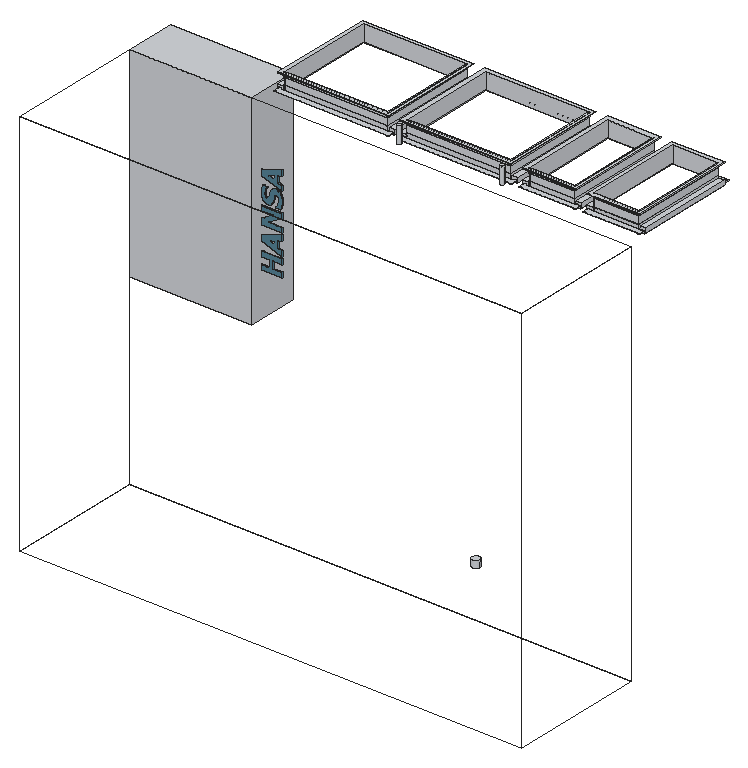
Revit family "KL-P-015-iK-R", category HLS-Bauteile, Revit 2020
Family settings
  Bemaßung runder Anschluss = Durchmesser verwenden
  Klassifizierung = Keine
  Teiletyp = Normal
  Arbeitsebenenbasiert = Nein
  Immer vertikal = Ja
  Beim Laden mit Abzugskörper schneiden = Nein
  Gemeinsam genutzt = Nein
  Raumberechnungspunkt = Nein
Parameters
  Zuluftbreite [instance] = 505 mm  # constant formula
  Vorgabe-Ansicht = 0 mm
  TyS [instance] = size_lookup("TyS_Hansa_KL_P", "", "ND", RLT_Serie, Gehaeuserichtung, Gehaeuseausfuehrung, RLT_MSR_KZ)  # "KL-P-015-iK-R-eCS"
  Schaltschrankbreite [instance] = 600 mm
  Schaltschrank_montiert [instance] = yes
  SSaG [instance] = and(or(Regelung SAIA, Regelung OJ), Schaltschrank_montiert)  # yes
  Regelung SAIA [instance] = yes
  Regelung OJ [instance] = no
  RLT_Volumenstrom_max = 1500 m³/h  # constant formula
  RLT_Volumenstrom_Unit_2 [instance] = 1500 m³/h
  RLT_Volumenstrom_Unit_1 [instance] = 1500 m³/h
  RLT_Typenschlüssel [instance] = TyS  # "KL-P-015-iK-R-eCS"
  RLT_Serie = "KL-P-015-iK"  # constant formula
  RLT_Material_außen [instance] = Stahlblech verzinkt + RAL 9002
  RLT_MSR_KZ [instance] = if(Regelung SAIA, "eCS", if(Regelung OJ, "eCO", "-"))  # "eCS"
  RLT_Länge [instance] = L  # 1860 mm
  RLT_Höhe = H  # 1790 mm
  RLT_Gewicht [instance] = size_lookup("TD_Hansa_KL_P", "Gewicht", 0 mm, TyS) / 1 mm * 1.00 kg  # 0.00 kg
  RLT_Breite = B  # 670 mm
  Modell = "KL-P-015-iK-R"  # constant formula
  L2 = 630 mm  # constant formula
  L1 = 1230 mm  # constant formula
  L = L1 + L2  # 1860 mm
  Kanaltiefe [instance] = RLT_Breite - 190 mm  # 480 mm
  Hersteller = "Hansa"  # constant formula
  H = 1790 mm  # constant formula
  GeräteOK [instance] = H + Fuß  # 1910 mm
  Gehaeuserichtung [instance] = "R"  # constant formula
  Gehaeuseausfuehrung [instance] = "ungeteilt"  # constant formula
  GD_Spannung [instance] = 230 V
  GD_Phasen [instance] = 1
  GD_Nennstrom [instance] = 0 A
  GD_Anschlussleistung [instance] = 0 W
  Fuß [instance] = 120 mm  # constant formula
  Fortluftbreite = 220 mm  # constant formula
  Bedienzone [instance] = yes
  Baugruppe [instance] = "RLT-Gerät"  # constant formula
  BZl [instance] = if(and(or(Regelung SAIA, Regelung OJ), Schaltschrank_montiert), L + Schaltschrankbreite, L)  # 2460 mm
  B = 670 mm  # constant formula
  Außenluftbreite = 220 mm  # constant formula
  Abluftbreite [instance] = 505 mm  # constant formula
Reference planes
  plane 1 "Mitte (Vorne/hinten)": y = 0
  plane 2: z = 0
  plane 3 "Mitte (Links/rechts)": x = 0
  plane 4: x = -930
  plane 5: x = 930
  plane 6 "GV": y = -335
  plane 7 "GH": y = 335
  plane 8 "OKG": z = 1910
  plane 9: y = 272.5
  plane 10: y = -312.5
  plane 11: x = -867.5
  plane 12: x = 867.5
  plane 13: x = -362.5
  plane 14: x = -267.5
  plane 15: x = 237.5
  plane 16: x = 647.5
  plane 17: x = 552.5
  plane 18: x = 332.5
  plane 19: z = 1990
  plane 20 "UKG": z = 120
  plane 21: y = -85
  plane 22: y = -125
  plane 23: z = 90
  plane 24: y = -259
  plane 25: x = 300
  plane 26: y = -1005
  plane 27: x = -1530
Forms (mm)
  Extrusion 1, solid, visible <- "SSaG"
    sketch origin (-61.559, 0, -70) x (1, 0, 0) y (0, 0, 1)
      loop
        line (-1468.441, 1980) -> (-1468.441, 980) -> (-868.441, 980) -> (-868.441, 1980) -> (-1468.441, 1980)
    from 335 to 85
  Extrusion 2, solid
    sketch origin (0, 0, 0) x (1, 0, 0) y (0, 1, 0)
      loop
        circle (0, -125) r 20
    from 120 to 90
  Extrusion 3, solid, material "Glas - klar", visible <- "Bedienzone"
    sketch origin (-600, 0, 0) x (1, 0, 0) y (0, 1, 0)
      loop
        line (-930, -335) -> (-930, -1005) -> (1530, -1005) -> (1530, -335) -> (-930, -335)
    from 1910 to 0
  Extrusion 4, solid
    sketch origin (0, 0, 0) x (1, 0, 0) y (0, 1, 0)
      loop
        circle (-267.5, -259) r 10
    from 1990 to 1910
  Extrusion 5, solid
    sketch origin (0, 0, 0) x (1, 0, 0) y (0, 1, 0)
      loop
        circle (237.5, -259) r 10
    from 1990 to 1910
Dimensions and locks
  equal spacing: plane 4, plane 3 "Mitte (Links/rechts)", plane 5
  "L": plane 4 to plane 5
  "B": plane 7 "GH" to plane 6 "GV"
  locked: plane 7 "GH" to plane 9 at 62.5
  locked: plane 4 to plane 11 at 62.5
  locked: plane 12 to plane 5 at 62.5
  "Abluftbreite": plane 11 to plane 13
  locked: plane 13 to plane 14 at 95
  "Zuluftbreite": plane 14 to plane 15
  "Fortluftbreite": plane 16 to plane 12
  locked: plane 17 to plane 16 at 95
  "Außenluftbreite": plane 18 to plane 17
  plane 15 to plane 18 = 95 mm
  locked: nested 3 to plane 16 at 95
  "Fuß": plane 20 "UKG" to level
  plane 19 to plane 8 "OKG" = 80 mm
  locked: plane 4 to nested 1 at 62.5
  locked: plane 13 to nested 2 at 95
  locked: nested 4 to plane 5 at 62.5
  plane 5 to Extrusion 1 = 1860 mm
  "RLT_Höhe": plane 8 "OKG" to plane 20 "UKG"
  equal spacing: plane 7 "GH", plane 1 "Mitte (Vorne/hinten)", plane 6 "GV"
  locked: plane 6 "GV" to plane 21 at 250
  locked: plane 6 "GV" to plane 22 at 210
  plane 20 "UKG" to plane 23 = 30 mm
  locked: plane 24 to plane 6 "GV" at 76
  "L1": plane 4 to plane 25
  "B": plane 26 to plane 6 "GV"
  "BZl": Extrusion 3 to Extrusion 3
  "Schaltschrankbreite": plane 27 to plane 4
  aligned and locked: level to plane 2
  aligned and locked: plane 8 "OKG" to Extrusion 1
  aligned and locked: Extrusion 1 to plane 6 "GV"
  aligned and locked: plane 21 to Extrusion 1
  aligned and locked: plane 20 "UKG" to Extrusion 2
  aligned and locked: Extrusion 2 to plane 23
  aligned and locked: Extrusion 3 to plane 6 "GV"
  aligned and locked: Extrusion 3 to plane 26
  aligned and locked: plane 8 "OKG" to Extrusion 3
  aligned and locked: Extrusion 1 to plane 4
  aligned and locked: plane 19 to Extrusion 4
  aligned and locked: Extrusion 4 to plane 8 "OKG"
  aligned and locked: plane 19 to Extrusion 5
  aligned and locked: Extrusion 1 to Extrusion 3
  aligned and locked: plane 7 "GH" to nested 6
  aligned and locked: plane 4 to nested 6
Automatic sketch dimensions
  Extrusion 1 sketch curve to plane 5 = 2460 mm
  Extrusion 1 sketch curve to plane 8 "OKG" = 0 mm
  Extrusion 1 sketch curve to plane 5 = 1860 mm
  plane 20 "UKG" to Extrusion 1 sketch curve = 790 mm
  Extrusion 2 sketch curve to plane 3 "Mitte (Links/rechts)" = 0 mm
  Extrusion 2 sketch curve to plane 22 = 0 mm
  plane 4 to Extrusion 3 sketch curve = 600 mm
  Extrusion 3 sketch curve to plane 5 = 0 mm
  Extrusion 3 sketch curve to plane 26 = 0 mm
  plane 6 "GV" to Extrusion 3 sketch curve = 0 mm
  Extrusion 4 sketch curve to plane 14 = 0 mm
  Extrusion 4 sketch curve to plane 24 = 0 mm
  Extrusion 5 sketch curve to plane 15 = 0 mm
  Extrusion 5 sketch curve to plane 24 = 0 mm
  radius of Extrusion 2 sketch curve = 20 mm
  radius of Extrusion 4 sketch curve = 10 mm
  radius of Extrusion 5 sketch curve = 10 mm
Nested families
  nested 1: "Kanalstutzen" at (-615, 29.209, 1910) x (1, 0, 0) z (0, -1, 0), 2570_EST_Breite <- "Abluftbreite", 2571_EST_Höhe <- "Kanaltiefe", built-in parameter 1001360 <- "GeräteOK", type "Kanalstutzen"
    with Tiefe 80 mm, RahmenG2 20 mm, RahmenG1 30 mm, Höhe 480 mm, Breite 505 mm, 2572_EST_Tiefe 80 mm, 2571_EST_Höhe 480 mm, 2570_EST_Breite 505 mm, 1966_EST_Rahmentyp ""
  nested 2: "Kanalstutzen" at (-15, 29.209, 1910) x (1, 0, 0) z (0, -1, 0), 2570_EST_Breite <- "Zuluftbreite", 2571_EST_Höhe <- "Kanaltiefe", built-in parameter 1001360 <- "GeräteOK", type "Kanalstutzen"
    with Tiefe 80 mm, RahmenG2 20 mm, RahmenG1 30 mm, Höhe 480 mm, Breite 505 mm, 2572_EST_Tiefe 80 mm, 2571_EST_Höhe 480 mm, 2570_EST_Breite 505 mm, 1966_EST_Rahmentyp ""
  nested 3: "Kanalstutzen" at (442.5, 29.209, 1910) x (1, 0, 0) z (0, -1, 0), 2570_EST_Breite <- "Außenluftbreite", 2571_EST_Höhe <- "Kanaltiefe", built-in parameter 1001360 <- "GeräteOK", type "Kanalstutzen"
    with Tiefe 80 mm, RahmenG2 20 mm, RahmenG1 30 mm, Höhe 480 mm, Breite 220 mm, 2572_EST_Tiefe 80 mm, 2571_EST_Höhe 480 mm, 2570_EST_Breite 220 mm, 1966_EST_Rahmentyp ""
  nested 4: "Kanalstutzen" at (757.5, 29.209, 1910) x (1, 0, 0) z (0, -1, 0), 2570_EST_Breite <- "Fortluftbreite", 2571_EST_Höhe <- "Kanaltiefe", built-in parameter 1001360 <- "GeräteOK", type "Kanalstutzen"
    with Tiefe 80 mm, RahmenG2 20 mm, RahmenG1 30 mm, Höhe 480 mm, Breite 220 mm, 2572_EST_Tiefe 80 mm, 2571_EST_Höhe 480 mm, 2570_EST_Breite 220 mm, 1966_EST_Rahmentyp ""
  nested 5: "Hansa_Aufkleber_klein" at (-780, -335, 1390) x (0, 0, 1) z (0, -1, 0), type "Hansa_Aufkleber_klein"
  nested 6: "P-015-R_ipt" at (0, 0, 0), type "Norm"
Connectors
  hvac at (-615, 29.209, 1989), driven by "RLT_Volumenstrom_Unit_2", driven by "Abluftbreite", driven by "Kanaltiefe"
    settings: on nested 1, index 1, duct flow 1500 m³/h, flow factor 0, pres drop 0.0 Pa, loss coef 0, conn angle 0.00°, conn width 505 mm, conn height 480 mm, conn diameter 609.6 mm, duct sys type 2, conn prof type 1, flow config 0, flow direction 1, loss method 0, conn ref index -1, conn util no, is conn primary yes, conn desc ""
  hvac at (-15, 29.209, 1989), driven by "RLT_Volumenstrom_Unit_1", driven by "Zuluftbreite", driven by "Kanaltiefe"
    settings: on nested 2, index 2, duct flow 1500 m³/h, flow factor 0, pres drop 0.0 Pa, loss coef 0, conn angle 0.00°, conn width 505 mm, conn height 480 mm, conn diameter 609.6 mm, duct sys type 1, conn prof type 1, flow config 0, flow direction 2, loss method 0, conn ref index -1, conn util no, is conn primary no, conn desc ""
  hvac at (442.5, 29.209, 1989), driven by "RLT_Volumenstrom_Unit_1", driven by "Außenluftbreite", driven by "Kanaltiefe"
    settings: on nested 3, index 3, duct flow 1500 m³/h, flow factor 0, pres drop 0.0 Pa, loss coef 0, conn angle 0.00°, conn width 220 mm, conn height 480 mm, conn diameter 609.6 mm, duct sys type 1, conn prof type 1, flow config 0, flow direction 1, loss method 0, conn ref index -1, conn util no, is conn primary no, conn desc ""
  hvac at (757.5, 29.209, 1989), driven by "RLT_Volumenstrom_Unit_2", driven by "Fortluftbreite", driven by "Kanaltiefe"
    settings: on nested 4, index 4, duct flow 1500 m³/h, flow factor 0, pres drop 0.0 Pa, loss coef 0, conn angle 0.00°, conn width 220 mm, conn height 480 mm, conn diameter 609.6 mm, duct sys type 3, conn prof type 1, flow config 1, flow direction 2, loss method 0, conn ref index -1, conn util no, is conn primary no, conn desc ""
  piping at (0, -125, 90), diameter 40
    settings: on Extrusion 2, index 5, connector inside diameter 609.6 mm, connector length 0 mm, flow factor 0, pipe flow 0.0 L/s, pressure drop 0.0 Pa, fitting loss kfactor 0, connector angle 0.00°, fixture units 0, engagement length 0 mm, angle of deflection 0.00°, flow configuration 0, flow direction 2, fitting loss method 0, system type 16, joint type 0, gender type 0, connector reference index -1, connector utility 0, adjustable connector no, is connector primary yes, connector description ""
  piping at (-267.5, -259, 1990), diameter 20
    settings: on Extrusion 4, index 6, connector inside diameter 609.6 mm, connector length 0 mm, flow factor 0, pipe flow 0.0 L/s, pressure drop 0.0 Pa, fitting loss kfactor 0, connector angle 0.00°, fixture units 0, engagement length 0 mm, angle of deflection 0.00°, flow configuration 0, flow direction 0, fitting loss method 0, system type 19, joint type 0, gender type 0, connector reference index -1, connector utility 0, adjustable connector no, is connector primary no, connector description ""
  piping at (237.5, -259, 1990), diameter 20
    settings: on Extrusion 5, index 7, connector inside diameter 609.6 mm, connector length 0 mm, flow factor 0, pipe flow 0.0 L/s, pressure drop 0.0 Pa, fitting loss kfactor 0, connector angle 0.00°, fixture units 0, engagement length 0 mm, angle of deflection 0.00°, flow configuration 0, flow direction 0, fitting loss method 0, system type 19, joint type 0, gender type 0, connector reference index -1, connector utility 0, adjustable connector no, is connector primary no, connector description ""
Definition of nested family "Kanalstutzen"
  Parameters (values of type "Kanalstutzen")
    Default Elevation = 0 mm
    Tiefe [instance] = [2572_EST_Tiefe]  # 80 mm
    RahmenG2 [instance] = 20 mm
    RahmenG1 [instance] = 30 mm
    Höhe [instance] = [2571_EST_Höhe]  # 500 mm
    Manufacturer = "Hansa"
    Breite [instance] = [2570_EST_Breite]  # 1000 mm
    Description = "Durchbruchsverkleidung"
    2572_EST_Tiefe [instance] = 80 mm
    2571_EST_Höhe [instance] = 500 mm
    2570_EST_Breite [instance] = 1000 mm
    1966_EST_Rahmentyp [instance] = ""
  Reference planes
    plane 1 "Mitte (Vorne/hinten)": y = 0
    plane 2: z = 0
    plane 3 "Mitte (Links/rechts)": x = 0
    plane 4: x = -500
    plane 5: x = 500
    plane 6 "hinten": y = 80
    plane 7: z = 250
    plane 8: z = -250
    plane 9 "R1links": x = -530
    plane 10 "R1rechts": x = 530
    plane 11 "R2links": x = -520
    plane 12 "R2rechts": x = 520
    plane 13 "R1oben": z = 280
    plane 14 "R1unten": z = -280
    plane 15: z = -270
    plane 16: z = 270
  Forms (mm)
    Sweep 1, solid
      path origin (0, 0, 0) x (1, 0, 0) y (0, 0, 1)
        loop
          line (-500, 250) -> (-500, -250) -> (500, -250) -> (500, 250) -> (-500, 250)
      profile origin (0, 0, 250) x (0, 0, 1) y (0, -1, 0)
        loop
          line (0, -40) -> (0, -80) -> (20, -80) -> (20, -79) -> (1.999, -79) -> (1.999, -59) -> (0.962, -59) -> (0.962, -21.406) -> (1.999, -21.406) -> (1.999, -1.406) -> (30, -1.406) -> (30, 0) -> (0, 0) -> (0, -40)
  Dimensions and locks
    equal spacing: plane 4, plane 3 "Mitte (Links/rechts)", plane 5
    "Breite": plane 4 to plane 5
    equal spacing: plane 7, level, plane 8
    "Höhe": plane 7 to plane 8
    "RahmenG1": plane 9 "R1links" to plane 4
    "RahmenG1": plane 5 to plane 10 "R1rechts"
    "RahmenG2": plane 11 "R2links" to plane 4
    "RahmenG2": plane 5 to plane 12 "R2rechts"
    "RahmenG1": plane 13 "R1oben" to plane 7
    "RahmenG1": plane 8 to plane 14 "R1unten"
    "RahmenG2": plane 16 to plane 7
    "RahmenG2": plane 8 to plane 15
    Sweep 1 sketch curve to Sweep 1 sketch curve = 1.406 mm
    Sweep 1 sketch curve to Sweep 1 sketch curve = 1 mm
    Sweep 1 sketch curve to Sweep 1 sketch curve = 0.962 mm
    "2572_EST_Tiefe": plane 6 "hinten" to plane 1 "Mitte (Vorne/hinten)"
    aligned and locked: level to plane 2
    aligned and locked: plane 16 to Sweep 1 sketch curve
    aligned and locked: plane 13 "R1oben" to Sweep 1 sketch curve
    aligned and locked: plane 1 "Mitte (Vorne/hinten)" to Sweep 1
    aligned and locked: plane 1 "Mitte (Vorne/hinten)" to nested 1
    aligned and locked: nested 1 to plane 10 "R1rechts"
    aligned and locked: nested 2 to plane 9 "R1links"
    aligned and locked: plane 8 to nested 2
    aligned and locked: nested 1 to plane 8
  Automatic sketch dimensions
    plane 4 to Sweep 1 sketch curve = 0 mm
    plane 5 to Sweep 1 sketch curve = 0 mm
    Sweep 1 sketch curve to plane 8 = 0 mm
    Sweep 1 sketch curve to plane 7 = 0 mm
    Sweep 1 sketch curve to plane 1 "Mitte (Vorne/hinten)" = 0 mm
    profile plane to Sweep 1 sketch curve = 0 mm
    Sweep 1 sketch curve to profile plane = 1.999 mm  (x2)
    Sweep 1 sketch curve to Sweep 1 sketch curve = 20 mm  (x2)
    Sweep 1 sketch curve to Sweep 1 sketch curve = 18.594 mm
    Sweep 1 sketch curve to Sweep 1 sketch curve = 19 mm
  Nested families
    nested 1: "EGJK30" at (520, 0, -250), L <- "Höhe", type "EGJK30"
      with L 500 mm
    nested 2: "EGJK30" at (-520, 0, -250) x (-1, 0, 0) z (0, 0, 1), L <- "Höhe", type "EGJK30"
      with L 500 mm
  Definition of nested family "EGJK30"
    Parameters (values of type "EGJK30")
      Default Elevation = 0 mm
      L [instance] = 1000 mm
    Reference planes
      plane 1 "Mitte (Vorne/hinten)": y = 0
      plane 2: z = 0
      plane 3 "Mitte (Links/rechts)": x = 0
    Forms (mm)
      Extrusion 1, solid
        sketch origin (16.67, -35.46, 0) x (1, 0, 0) y (0, 1, 0)
          loop
            line (-26.67, 25.46) -> (-6.67, 25.46) -> (-6.67, 30.46) -> (-1.67, 30.46) -> (-1.67, 50.46) -> (-34.67, 50.46) -> (-34.67, 38.46) -> (-5.67, 38.46) -> (-5.67, 35.46) -> (-25.67, 35.46) -> (-25.67, 36.96) -> (-34.67, 36.96) -> (-34.67, 33.96) -> (-26.67, 25.46)
        from 0 to 1000
    Dimensions and locks
      "L": Extrusion 1 to Extrusion 1
      aligned and locked: level to plane 2
    Automatic sketch dimensions
      plane 1 "Mitte (Vorne/hinten)" to Extrusion 1 sketch curve = 0 mm
      Extrusion 1 sketch curve to plane 3 "Mitte (Links/rechts)" = 18 mm
      plane 1 "Mitte (Vorne/hinten)" to Extrusion 1 sketch curve = 1.5 mm
      Extrusion 1 sketch curve to Extrusion 1 sketch curve = 0 mm
      Extrusion 1 sketch curve to plane 3 "Mitte (Links/rechts)" = 10 mm
      Extrusion 1 sketch curve to plane 3 "Mitte (Links/rechts)" = 9 mm
      plane 1 "Mitte (Vorne/hinten)" to Extrusion 1 sketch curve = 5 mm
      plane 3 "Mitte (Links/rechts)" to Extrusion 1 sketch curve = 10 mm
      Extrusion 1 sketch curve to Extrusion 1 sketch curve = 1 mm
      Extrusion 1 sketch curve to Extrusion 1 sketch curve = 5 mm
      plane 1 "Mitte (Vorne/hinten)" to Extrusion 1 sketch curve = 10 mm
      Extrusion 1 sketch curve to plane 1 "Mitte (Vorne/hinten)" = 1.5 mm
      Extrusion 1 sketch curve to Extrusion 1 sketch curve = 1.5 mm
      Extrusion 1 sketch curve to Extrusion 1 sketch curve = 12 mm
Definition of nested family "Hansa_Aufkleber_klein"
  Parameters (values of type "Hansa_Aufkleber_klein")
    Default Elevation = 1219.2 mm
  Reference planes
    plane 1 "Mitte (Vorne/hinten)": y = 0
    plane 2: z = 0
    plane 3 "Mitte (Links/rechts)": x = 0
  Forms (mm)
    Extrusion 1, solid, detail levels medium+fine
      sketch origin (6.994, -10.767, 0) x (1, 0, 0) y (0, 1, 0)
        loop
          line (-226.694, 10.767) -> (-201.573, 10.767) -> (-201.573, 55.095) -> (-167.456, 55.095) -> (-167.456, 10.767) -> (-142.335, 10.767) -> (-142.335, 110.767) -> (-167.456, 110.767) -> (-167.456, 74.138) -> (-201.573, 74.138) -> (-201.573, 110.767) -> (-226.694, 110.767) -> (-226.694, 10.767)
        loop
          line (202.074, 82.404) -> (191.782, 49.341) -> (212.284, 49.341) -> (202.074, 82.404)
        loop
          line (188.703, 110.767) -> (154.91, 10.767) -> (180.032, 10.767) -> (186.353, 31.189) -> (217.795, 31.189) -> (224.035, 10.767) -> (249.886, 10.767) -> (216.093, 110.767) -> (188.703, 110.767)
        loop
          line (34.084, 10.767) -> (58.233, 10.767) -> (58.233, 110.767) -> (35.299, 110.767) -> (35.299, 53.474) -> (3.37, 110.767) -> (-27.424, 110.767) -> (-27.424, 10.767) -> (-4.49, 10.767) -> (-4.49, 80.459) -> (34.084, 10.767)
        loop
          line (-85.203, 82.404) -> (-95.495, 49.341) -> (-74.993, 49.341) -> (-85.203, 82.404)
        loop
          line (-98.575, 110.767) -> (-132.367, 10.767) -> (-107.245, 10.767) -> (-100.925, 31.189) -> (-69.482, 31.189) -> (-63.242, 10.767) -> (-37.391, 10.767) -> (-71.184, 110.767) -> (-98.575, 110.767)
        loop
          line (73.143, 16.683) -> (80.903, 13.695) -> (89.27, 11.213) -> (93.783, 10.238) -> (98.65, 9.542) -> (103.872, 9.124) -> (109.448, 8.984) -> (114.303, 9.126) -> (118.902, 9.552) -> (123.243, 10.261) -> (127.327, 11.253) -> (131.154, 12.53) -> (134.724, 14.09) -> (138.037, 15.933) -> (141.093, 18.061) -> (143.838, 20.421) -> (146.216, 22.963) -> (148.229, 25.688) -> (149.876, 28.595) -> (151.156, 31.685) -> (152.071, 34.957) -> (152.62, 38.411) -> (152.803, 42.048) -> (152.724, 44.578) -> (152.487, 46.981) -> (152.091, 49.257) -> (151.537, 51.407) -> (150.825, 53.431) -> (149.954, 55.328) -> (148.925, 57.098) -> (147.738, 58.741) -> (144.874, 61.745) -> (141.346, 64.434) -> (137.155, 66.81) -> (132.301, 68.871) -> (127.124, 70.542) -> (122.293, 71.829) -> (112.609, 74.057) -> (109.035, 74.977) -> (106.095, 75.952) -> (103.788, 76.982) -> (102.114, 78.069) -> (100.927, 79.287) -> (100.078, 80.713) -> (99.569, 82.346) -> (99.4, 84.187) -> (99.506, 85.453) -> (99.825, 86.659) -> (100.357, 87.803) -> (101.101, 88.887) -> (102.965, 90.731) -> (105.153, 92.048) -> (107.99, 93.142) -> (110.664, 93.83) -> (113.439, 94.195) -> (116.579, 94.317) -> (120.768, 94.112) -> (124.906, 93.496) -> (128.993, 92.471) -> (133.03, 91.035) -> (136.889, 89.3) -> (140.445, 87.378) -> (143.697, 85.268) -> (146.644, 82.971) -> (148.832, 82.971) -> (148.832, 105.824) -> (145.231, 107.285) -> (141.397, 108.589) -> (137.33, 109.737) -> (133.03, 110.727) -> (128.608, 111.524) -> (124.177, 112.094) -> (119.735, 112.436) -> (115.283, 112.55) -> (110.919, 112.414) -> (106.741, 112.006) -> (102.749, 111.325) -> (98.944, 110.372) -> (95.324, 109.147) -> (91.891, 107.65) -> (88.644, 105.88) -> (85.583, 103.839) -> (82.8, 101.578) -> (80.389, 99.151) -> (78.348, 96.559) -> (76.679, 93.8) -> (75.38, 90.876) -> (74.453, 87.786) -> (73.896, 84.53) -> (73.711, 81.108) -> (74.025, 76.136) -> (74.967, 71.596) -> (76.537, 67.486) -> (78.735, 63.806) -> (80.094, 62.119) -> (81.657, 60.522) -> (83.426, 59.014) -> (85.4, 57.597) -> (87.58, 56.269) -> (89.964, 55.031) -> (92.553, 53.884) -> (95.348, 52.826) -> (100.625, 51.195) -> (106.247, 49.868) -> (111.869, 48.642) -> (117.147, 47.315) -> (119.104, 46.707) -> (120.925, 45.937) -> (122.609, 45.006) -> (124.156, 43.912) -> (125.451, 42.645) -> (126.375, 41.197) -> (126.929, 39.566) -> (127.114, 37.753) -> (127, 36.17) -> (126.658, 34.744) -> (126.089, 33.475) -> (125.291, 32.364) -> (123.275, 30.53) -> (120.874, 29.163) -> (118.413, 28.312) -> (115.242, 27.704) -> (112.052, 27.339) -> (109.529, 27.218) -> (105.242, 27.433) -> (100.889, 28.079) -> (96.47, 29.155) -> (91.985, 30.662) -> (87.561, 32.569) -> (83.324, 34.845) -> (79.274, 37.492) -> (75.413, 40.508) -> (73.143, 40.508) -> (73.143, 16.683)
      from 0 to 2
  Dimensions and locks
    aligned and locked: level to plane 2
Definition of nested family "P-015-R_ipt"
  Parameters (values of type "Norm")
    Default Elevation = 0 mm
  Reference planes
    plane 1 "Mitte (Vorne/Hinten)": y = 0
    plane 2: z = 0
    plane 3 "Mitte (Links/Rechts)": x = 0
  Dimensions and locks
    aligned and locked: level to plane 2
